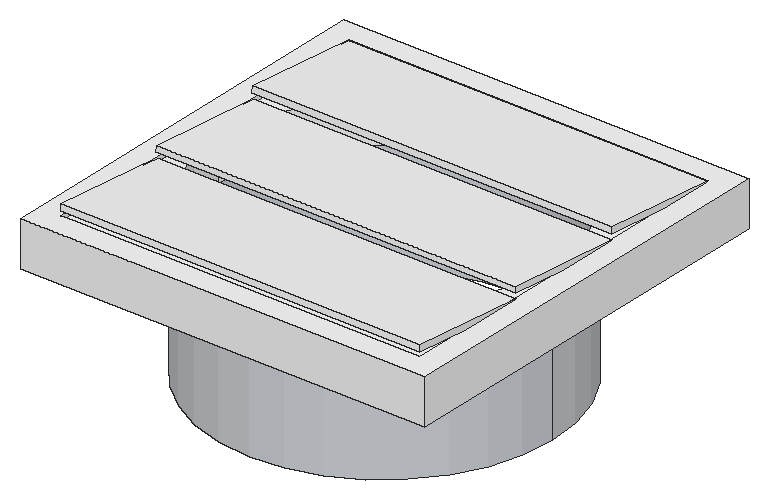
Revit family "CADS_AIRFLOWdev_AirTerminal_SquareExternalGrille_GravityFlap_Exhaust", category Air Terminals, host Face, Revit 2015
Parameters (values of type "180 x 180 x 150mm Dia - White")
  WorkExecutionLevel = "N/A"
  WeeklyMaintenance = "N/A"
  WarrantyStartDate [instance] = "N/A"
  WarrantyPeriod = "2"
  WarrantyIdentifier = "N/A"
  WarrantyGuarantorParts = "info@airflow.com"
  WarrantyGuarantorLabor = "info@airflow.com"
  WarrantyGuarantor = "Airflow Developments Ltd"
  WarrantyEndDate [instance] = "N/A"
  WarrantyContent = "Replacement of part if faulty"
  Uniclass2015 = "Pr_65_70_46_01"
  TotalSurfaceArea [instance] = 0.0324 m²
  TagNumber [instance] = "N/A"
  Status [instance] = "New"
  Square_External_Grille_GravityFlap = CADS_AirFlow_White
  Size = "65 x 180 x 180"
  ShippingWeight = 0.0204 kg
  Shape = "Rectangular"
  ServiceLifeType = "EXPECTEDSERVICELIFE"
  ServiceLifeDuration = "10"
  SerialNumber [instance] = "N/A"
  ReplacementCost = "14.268"
  QuarterlyMaintenance = "N/A"
  QualityOfComponents = "N/A"
  ProductionYear = "2017"
  ProductLiterature = "N/A"
  PointOfContact = "Airflow Developments Ltd"
  Perimeter [instance] = 720 mm
  OutdoorEnviornment = "N/A"
  OperationAndMaintenanceManual = "N/A"
  NumberOfSlots = 3
  NominalWidth = 180 mm
  NominalLength = 65 mm
  NominalHeight = 180 mm
  NBSCode = "90-75-50/370 Air terminals;"
  MountingType = "SURFACE"
  MonthlyMaintenance = "N/A"
  ModelReference = "71984001"
  ModelLabel = "180 x 180 x 150mm dia. Gravity Flap (White)"
  MeanTimeBetweenFailure = "N/A"
  Material = "Plastic"
  ManufacturerWebsite = "www.airflow.com"
  ManufacturerTelephone = "01494 525252"
  ManufacturerE-Mail = "info@airflow.com"
  ManufacturerAddress = "Aidelle House\nLancaster Road\nCressex Business Park\nHigh Wycombe\nBucks\nHP123QP"
  Manufacturer = "Airflow Developments Ltd"
  MaintenanceRequired8001to12000hrs = "N/A"
  MaintenanceRequired601to1000hrs = "N/A"
  MaintenanceRequired4001to8000hrs = "N/A"
  MaintenanceRequired301to600hrs = "N/A"
  MaintenanceRequired2001to4000hrs = "N/A"
  MaintenanceRequired1001to2000hrs = "N/A"
  MaintenanceRequired0to300hrs = "N/A"
  MaintenanceLevel = "N/A"
  IsExtendedWarranty = no
  IndoorEnviornment = "N/A"
  InUseConditions = "N/A"
  ISO90001 = yes
  ISO140001 = yes
  HasThermalInsulation = no
  HasSoundAttenuator = no
  HasIntegralControl = no
  GrossWeight = 0.017 kg
  Gravity_Flap [instance] = yes
  Grade = "Virgin"
  GlobalTradeItemNumber = "N/A"
  GF = 10.00°
  FlowControlType = "DAMPER"
  Flow [instance] = 0.0 L/s
  Features [instance] = "180 x 180 x 150mm dia. Gravity Flap (White)"
  FaceType = "LOUVERED"
  Exclusions = "Incorrect Use / Incorrect Installation / Installed by a non-accredited electrician. Customer abuse."
  Dv = D - 2 mm  # 148 mm
  DurationUnit = "Years"
  DesignLevel = "N/A"
  Description = "180 x 180 x 150mm dia. Gravity Flap (White)"
  Default Elevation = 1219.2 mm
  DailyMaintenance = "N/A"
  D = 150 mm
  Constituents = "White"
  Color = "White"
  CodePerformance = "N/A"
  CEApproval = yes
  BespokeTimeFrameMaintenance = "N/A"
  B = 20 mm
  AssetType = "Fixed"
  AssetIdentifier [instance] = "N/A"
  AssemblyPlace = "N/A"
  AnnualMaintenance = "N/A"
  AirflowRateRange = "0-61"
  AccessibilityPerformance = "N/A"
  A = 180 mm
  6MonthlyMaintenance = "Visually inspect system, clean the fan and ducting if necessary"
Types (4, lengths in mm): name | TotalSurfaceArea | Size | ShippingWeight | ReplacementCost | Perimeter | NominalWidth | NominalLength | NominalHeight | ModelReference | ModelLabel | GrossWeight | Features | Dv | Description | D | A
  (no name) | 0.0324 m² | "65 x 180 x 180" | 0.0204 kg | "14.268" | 720 | 180 | 65 | 180 | "71984001" | "180 x 180 x 150mm dia. Gravity Flap (White)" | 0.017 kg | "180 x 180 x 150mm dia. Gravity Flap (White)" | 148 | "180 x 180 x 150mm dia. Gravity Flap (White)" | 150 | 180
  140 x 140 x 100mm Dia - White | 0.0196 m² | "48 x 140 x 140" | 0.0144 kg | "7.944" | 560 | 140 | 48 | 140 | "51791101" | "140 x 140 x 100mm dia. Gravity Flap (White)" | 0.012 kg | "140 x 140 x 100mm dia. Gravity Flap (White)" | 98 | "140 x 140 x 100mm dia. Gravity Flap (White)" | 100 | 140
  160 x 160 x 125mm Dia - White | 0.0256 m² | "39 x 160 x 160" | 0.018 kg | "11.124" | 640 | 160 | 39 | 160 | "9041468" | "160 x 160 x 125mm dia. Gravity Flap (White)" | 0.015 kg | "160 x 160 x 125mm dia. Gravity Flap (White)" | 123 | "160 x 160 x 125mm dia. Gravity Flap (White)" | 125 | 160
  180 x 180 x 150mm Dia - White | 0.0324 m² | "65 x 180 x 180" | 0.0204 kg | "14.268" | 720 | 180 | 65 | 180 | "71984001" | "180 x 180 x 150mm dia. Gravity Flap (White)" | 0.017 kg | "180 x 180 x 150mm dia. Gravity Flap (White)" | 148 | "180 x 180 x 150mm dia. Gravity Flap (White)" | 150 | 180
Reference planes
  plane 1 "Center (Front/Back)": y = 0
  plane 2: z = 0
  plane 3 "Center (Left/Right)": x = 0
  plane 4: x = -90
  plane 5: x = 90
  plane 6: y = 90
  plane 7: y = -90
  plane 8: z = 20
  plane 9: z = 18
  plane 10: z = -50
  plane 11: x = -80
  plane 12: x = 80
  plane 13: y = 80
  plane 14: y = -80
  plane 15: y = 64
  plane 16: y = 64.5
  plane 17: y = 63.5
  plane 18: y = 48
  plane 19: y = 48.5
  plane 20: y = 47.5
  plane 21: y = 32
  plane 22: y = 32.5
  plane 23: y = 31.5
  plane 24: y = 16
  plane 25: y = 16.5
  plane 26: y = 15.5
  plane 27: y = -16
  plane 28: y = -15.5
  plane 29: y = -16.5
  plane 30: y = -32
  plane 31: y = -31.5
  plane 32: y = -32.5
  plane 33: y = -48
  plane 34: y = -47.5
  plane 35: y = -48.5
  plane 36: y = -64
  plane 37: y = -63.5
  plane 38: y = -64.5
  plane 39: y = 0.5
  plane 40: y = -0.5
  plane 41: x = -1
  plane 42: x = 1
  plane 43: z = 13
  plane 44: y = 26.667
  plane 45: y = -26.667
Forms (mm)
  Extrusion 1, solid, material "CADS_AirFlow_White", detail levels medium+fine
    sketch origin (0, 0, 0) x (1, 0, 0) y (0, 1, 0)
      loop
        line (-90, 90) -> (-90, -90) -> (90, -90) -> (90, 90) -> (-90, 90)
    from 0 to 18
  Extrusion 2, solid
    sketch origin (0, 0, 0) x (1, 0, 0) y (0, 1, 0)
      loop
        circle (0, 0) r 75
    from -50 to 0
  Extrusion 3, void, detail levels medium+fine
    sketch origin (0, 0, 0) x (1, 0, 0) y (0, 1, 0)
      loop
        circle (0, 0) r 74
    from -50 to 18
  Extrusion 4, solid, material "CADS_AirFlow_White", detail levels medium+fine
    sketch origin (0, 0, 0) x (1, 0, 0) y (0, 1, 0)
      loop
        line (-90, 90) -> (-90, -90) -> (90, -90) -> (90, 90) -> (-90, 90)
      loop
        line (-80, 80) -> (-80, -80) -> (80, -80) -> (80, 80) -> (-80, 80)
    from 18 to 20
  Extrusion 5, solid, material "CADS_AirFlow_White" <- "Square_External_Grille_GravityFlap", detail levels coarse
    sketch origin (0, 0, 0) x (1, 0, 0) y (0, 1, 0)
      loop
        line (-90, 90) -> (-90, -90) -> (90, -90) -> (90, 90) -> (-90, 90)
    from 0 to 20
  Extrusion 6, solid, material "CADS_AirFlow_White" <- "Square_External_Grille_GravityFlap", visible <- "Gravity_Flap"
    sketch origin (0, 0, 0) x (0, 1, 0) y (0, 0, 1)
      loop
        line (80, 20) -> (26.667, 24.98) -> (26.443, 22.587) -> (79.777, 17.607) -> (80, 20)
      loop
        line (26.667, 19.837) -> (-26.667, 24.74) -> (-26.89, 22.309) -> (26.443, 17.406) -> (26.667, 19.837)
      loop
        line (-26.667, 19.675) -> (-80, 24.723) -> (-80.223, 22.362) -> (-26.89, 17.314) -> (-26.667, 19.675)
    from -80 to 80
Cuts and joins
  Extrusion 3 cuts Extrusion 2
  Extrusion 3 cuts Extrusion 1
  joined: Extrusion 1, Extrusion 4
Lines and regions (mm)
  reference lines
    curve 1: line (0, 80, 20) -> (0, 23.114, 25.312)
    curve 2: line (0, 26.667, 19.837) -> (0, -32.886, 25.312)
    curve 3: line (0, -26.667, 19.675) -> (0, -86.219, 25.312)
Dimensions and locks
  equal spacing: plane 4, plane 3 "Center (Left/Right)", plane 5
  equal spacing: plane 6, plane 1 "Center (Front/Back)", plane 7
  "A": plane 4 to plane 5
  "A": plane 6 to plane 7
  "B": plane 8 to level
  locked: plane 8 to plane 9 at 2
  locked: level to plane 10 at 50
  locked: plane 6 to plane 13 at 10
  locked: plane 14 to plane 7 at 10
  locked: plane 12 to plane 5 at 10
  locked: plane 4 to plane 11 at 10
  plane 16 to plane 15 to plane 17 = 0.5 mm locked, 0.5 mm locked
  plane 19 to plane 18 to plane 20 = 0.5 mm locked, 0.5 mm locked
  plane 22 to plane 21 to plane 23 = 0.5 mm locked, 0.5 mm locked
  plane 25 to plane 24 to plane 26 = 0.5 mm locked, 0.5 mm locked
  plane 28 to plane 27 to plane 29 = 0.5 mm locked, 0.5 mm locked
  plane 31 to plane 30 to plane 32 = 0.5 mm locked, 0.5 mm locked
  plane 34 to plane 33 to plane 35 = 0.5 mm locked, 0.5 mm locked
  plane 37 to plane 36 to plane 38 = 0.5 mm locked, 0.5 mm locked
  plane 40 to plane 1 "Center (Front/Back)" to plane 39 = 0.5 mm locked, 0.5 mm locked
  plane 41 to plane 3 "Center (Left/Right)" to plane 42 = 1 mm locked, 1 mm locked
  equal spacing: plane 1 "Center (Front/Back)", plane 27, plane 30, plane 33, plane 36, plane 14
  equal spacing: plane 1 "Center (Front/Back)", plane 24, plane 21, plane 18, plane 15, plane 13
  locked: plane 9 to plane 43 at 5
  equal spacing: plane 13, plane 44, plane 45, plane 14
  "D": diameter of Extrusion 2 sketch curve
  "Dv": diameter of Extrusion 3 sketch curve
  aligned and locked: plane 2 to host face
  aligned and locked: level to host face
  aligned and locked: Extrusion 1 sketch curve to plane 6
  aligned and locked: Extrusion 1 sketch curve to plane 5
  aligned and locked: Extrusion 2 to plane 10
  aligned and locked: level to Extrusion 2
  aligned and locked: Extrusion 1 to level
  aligned and locked: plane 9 to Extrusion 1
  aligned and locked: Extrusion 2 to Extrusion 3
  aligned and locked: plane 9 to Extrusion 3
  aligned and locked: plane 4 to Extrusion 4 sketch curve
  aligned and locked: Extrusion 4 sketch curve to plane 5
  aligned and locked: plane 11 to Extrusion 4 sketch curve
  aligned and locked: plane 14 to Extrusion 4 sketch curve
  aligned and locked: Extrusion 4 to plane 9
  aligned and locked: plane 8 to Extrusion 4
  aligned and locked: Extrusion 5 sketch curve to plane 6
  aligned and locked: plane 7 to Extrusion 5 sketch curve
  aligned and locked: plane 8 to Extrusion 5
  aligned and locked: plane 13 to curve 1
  aligned and locked: Extrusion 6 sketch curve to curve 1
  aligned and locked: Extrusion 6 sketch curve to curve 2
  aligned and locked: Extrusion 6 sketch curve to curve 3
  aligned and locked: Extrusion 6 to plane 11
  aligned and locked: plane 12 to Extrusion 6
  aligned and locked: plane 44 to curve 2
  aligned and locked: plane 45 to curve 3
Automatic sketch dimensions
  host sketch curve to host sketch curve = 2438.4 mm  (x2)
  Extrusion 1 sketch curve to plane 4 = 0 mm
  Extrusion 1 sketch curve to plane 7 = 0 mm
  Extrusion 4 sketch curve to plane 12 = 0 mm
  Extrusion 4 sketch curve to plane 7 = 0 mm
  Extrusion 4 sketch curve to plane 13 = 0 mm
  Extrusion 4 sketch curve to plane 6 = 0 mm
  Extrusion 5 sketch curve to plane 4 = 0 mm
  Extrusion 5 sketch curve to plane 5 = 0 mm
  curve 1 to plane 8 = 0 mm
  curve 2 to plane 32 = 0.386 mm
  plane 7 to curve 3 = 3.781 mm
  curve 1 to plane 44 = 3.553 mm
  curve 2 to plane 8 = 0.163 mm
  curve 3 to plane 8 = 0.325 mm
  plane 8 to curve 2 = 5.312 mm
  plane 8 to curve 3 = 5.312 mm
  plane 8 to curve 1 = 5.312 mm
  Extrusion 6 sketch curve to plane 14 = 0 mm
  Extrusion 6 sketch curve to plane 45 = 0 mm  (x2)
  Extrusion 6 sketch curve to plane 44 = 0 mm  (x2)
  Extrusion 6 sketch curve to plane 8 = 0 mm
  Extrusion 6 sketch curve to plane 14 = 0.223 mm
  Extrusion 6 sketch curve to plane 45 = 0.223 mm
  Extrusion 6 sketch curve to plane 44 = 0.223 mm
  plane 1 "Center (Front/Back)" to Extrusion 2 sketch curve = 0 mm
  Extrusion 2 sketch curve to plane 3 "Center (Left/Right)" = 0 mm
  plane 1 "Center (Front/Back)" to Extrusion 3 sketch curve = 0 mm
  Extrusion 3 sketch curve to plane 3 "Center (Left/Right)" = 0 mm
Connectors
  hvac at (0, 0, 0), driven by "D", driven by "Flow"
    settings: on cut or joined group of Extrusion 2, Extrusion 3, index 1, duct flow 0.0 L/s, flow factor 0, pres drop 0.0 Pa, loss coef 0, conn angle 0.00°, conn width 304.8 mm, conn height 304.8 mm, conn diameter 150 mm, duct sys type 3, conn prof type 0, flow config 0, flow direction 1, loss method 0, conn ref index -1, conn util no, is conn primary yes, conn desc ""
